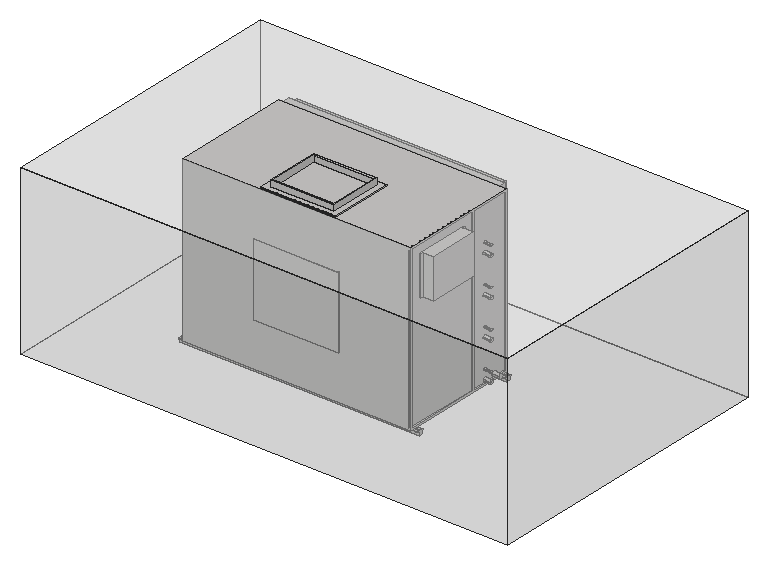
Revit family "outputfile", category 機械設備, Revit 2024
Family settings
  丸型コネクタ寸法 = 半径を使用
  パーツ タイプ = 標準
  OmniClass 番号 = 23.75.10.24.21.27.27
  OmniClass タイトル = Split System Air Conditioning Units
  作業面ベース = いいえ
  常に垂直 = はい
  ロード時にボイドで切り取り = いいえ
  注釈の向きを維持 = いいえ
  共有 = いいえ
  部屋計算ポイント = はい
Parameters (values of type "4FGN400HTL")
  Description = ""
  書き出し IFC クラス(タイプ) = "IfcUnitaryEquipmentType"
  定義済み IFC タイプ(タイプ) = "AIRCONDITIONINGUNIT"
  Cost = 0
  Type Comments = ""
  Keynote = ""
  Type Image = (empty or 0)
  Assembly Code = ""
  switch_frequency = yes
  lw_power = 1050.5 mm
  lw_frontpanel = 754 mm
  lw_box_front = 991 mm
  lw_box = 117 mm
  lw_SA = 0 mm
  lw_RA = 981 mm
  lw_Pipe = if([400-500], 20 mm, 0 mm)  # 20 mm
  lh_liquidpipe_4 = 152 mm
  lh_liquidpipe_3 = 488 mm
  lh_liquidpipe_2 = 824 mm
  lh_height_SA = 482 mm
  lh_ld_mountinghole_height = 35 mm
  lh_height_RA = 1326 mm
  lh_hangerfixture = 35 mm
  lh_gaspipe_4 = 72 mm
  lh_gaspipe_3 = 408 mm
  lh_gaspipe_2 = 744 mm
  lh_frontpanel_bottom = 429 mm
  lh_frontpanel = 642 mm
  lh_box_top = 95 mm
  lh_box = 351 mm
  lh_SA = 1546 mm
  lh_RA = 788 mm
  ld_void = 680 mm
  ld_frontpanel = 0 mm
  ld_depth_SA = 301 mm
  ld_depth_RA = 130 mm
  ld_box_left = 114 mm
  ld_box = 490 mm
  frontpanel_right = 377 mm
  connector_voltage = Voltage_60Hz  # 220 V
  connector_powerinput = [Power Input (Cooling)]  # 41.580 kW
  connector_phase = Phase_60Hz  # 3
  製造元 = "Daikin"
  モデル = "4FGN400HTL"
  w_pipe = 33 mm
  r_Liquid Pipe Size = Liquid Pipe Size / 2  # 6.35 mm
  r_Gas Pipe Size = Gas Pipe Size / 2  # 12.7 mm
  r_Drain Pipe Size = Drain Pipe Size / 2  # 17.0 mm
  lw_powersupply = lw_power  # 1050.5 mm
  lw_width_RA = 1852 mm
  lw_width_SA = 560 mm
  lh_suctionflange [instance] = 100 mm
  ld_suctionflange [instance] = 190 mm
  ld_powersupply = 359 mm
  Voltage_comment_60Hz = "220"
  Voltage_60Hz = 220 V
  URL = ""
  Sound Power Level_H speed (dB) = 0
  Phase_60Hz = 3
  Minimum External Static Pressure = 0.00 Pa
  Minimum Circuit Amps_60Hz = 0.0 A
  Maximum Fuse Amps_60Hz = 0.0 A
  Maximum External Static Pressure = 250.00 Pa
  Material_Casing = DAIKIN_GalvanizedSteel_Casing_indoorunit
  lw_liquidpipe = 1061 mm
  lw_gaspipe = 1061 mm
  lw_mountinghole_pitch = 2082 mm
  lw_mountinghole = 2122 mm
  lw_drainpipe = 1061 mm
  lh_powersupply = 1040 mm
  lh_liquidpipe = 1160 mm
  lh_gaspipe = 1080 mm
  lh_mountinghole = 5 mm
  lh_drainpipe = 73 mm
  lh_antena = Height - lh_mountinghole + 1 mm  # 1482 mm
  ld_liquidpipe = 302.5 mm
  ld_gaspipe = 302.5 mm
  ld_mountinghole_pitch = 973 mm
  ld_drainpipe = 405.5 mm
  ld_controlbox = 626 mm
  h*** = 0 mm  # constant formula
  d_dischargeflange = 60 mm
  Width = 2022 mm
  Version = "ver.1.0"
  Unit Type = "Duct"
  Unit Mass Weight = 488.00 kg
  Unit Designation [instance] = ""
  Uniclass2015Version = "Products v1.30"
  Uniclass2015Title = "Split coil room air conditioning units"
  Uniclass2015Code = "Pr_70_65_03_86"
  Total Cooling Capacity [instance] = 0.000 kW
  Sound Pressure Level_M speed (dBA) = 0
  Sound Pressure Level_L speed (dBA) = 0
  Sound Pressure Level_H speed (dBA) = 66
  Series = "Package Aircon_Fan Coil Unit"
  Sensible Cooling Capacity [instance] = 0.000 kW
  SA Duct Size Width = 560 mm
  SA Duct Size Height = 482 mm
  Refrigerant Type = "R410A"
  RA Duct Size Width = 1852 mm
  RA Duct Size Height = 1326 mm
  Power Input (Cooling) = 41.580 kW
  Option Accessory 3 [instance] = ""
  Option Accessory 2 [instance] = ""
  Option Accessory 1 [instance] = ""
  Nominal Cooling Capacity = 117.233 kW
  Minimum Airflow = 0.00 m³/h
  Median Airflow = 0.00 m³/h
  Maximum Airflow = 20388.00 m³/h
  Load Classification = HVAC
  Liquid Pipe Size = 12.7 mm
  Link_Nested Family [instance] = ""
  IfcVersion = ""
  IfcExportType = "AIRCONDITIONINGUNIT"
  IfcExportAs = "IfcUnitaryEquipmentType"
  Height = 1486 mm
  Heat Exchanger Type = "Cross Fin Coil"
  Gas Pipe Size = 25.4 mm
  Frequency_60Hz = 60 Hz
  Fan Type = "Sirocco Fan"
  Fan Drive = "-"
  FCU Tag No. [instance] = ""
  Drain Pipe Size = 34.0 mm
  Design Supply Airflow [instance] = 0.00 m³/h
  Design Return Airflow [instance] = 0.00 m³/h
  Design External Static Pressure [instance] = 0.00 Pa
  Depth = 1069 mm
  既定の高さ = 0 mm
  Cooling Entering Wet Bulb Temperature [instance] = 0.00 °C
  Cooling Entering Dry Bulb Temperature [instance] = 0.00 °C
  Cooling Ambient Wet Bulb Temperature [instance] = 0.00 °C
  Cooling Ambient Dry Bulb Temperature [instance] = 0.00 °C
  Clearance visibility [instance] = yes
  Clearance Top = 0 mm
  Clearance Right = 1500 mm
  Clearance Rear = 800 mm
  Clearance Left = 800 mm
  Clearance Front = 800 mm
  Clearance Bottom = 0 mm
  600 = no
  400-500 = yes
Reference planes
  plane 1 "Center (Front/Back)": y = 0
  plane 2: z = 0
  plane 3 "Center (Left/Right)": x = 0
  plane 4 "Back": y = 534.5
  plane 5 "Front": y = -534.5
  plane 6 "Left": x = -1011
  plane 7 "Right": x = 1011
  plane 8 "Top": z = 0
  plane 9 "Bottom": z = -1486
  plane 10: z = -326
  plane 11: z = -406
  plane 12: x = -1041
  plane 13: x = 1041
  plane 14: x = 1061
  plane 15: x = 1061
  plane 16: z = -1481
  plane 17 "Clearance Left": x = -1811
  plane 18 "Clearance Right": x = 2511
  plane 19 "Clearance Rear": y = 1334.5
  plane 20 "Clearance Front": y = -1334.5
  plane 21 "Clearance Bottom": z = -1486
  plane 22: z = -1413
  plane 23 "ld_gas": y = 302.5
  plane 24: y = 302.5
  plane 25: y = -30
  plane 26: y = 405.5
  plane 27: y = 344.5
  plane 28: x = 1061
  plane 29: y = 486.5
  plane 30: y = -486.5
  plane 31: y = -233.5
  plane 32: y = 664.5
  plane 33 "Clearance Top": z = 0
  plane 34: z = -446
  plane 35: y = -175.5
  plane 36 "hangerfixture": z = -1451
  plane 37 "lh_SA": z = 60
  plane 38 "lh_RA": z = -698
  plane 39 "RA_center": x = -30
  plane 40: y = -524.5
  plane 41: y = 155.5
  plane 42: y = 524.5
  plane 43: z = -10
  plane 44: z = -1441
  plane 45: y = 165.5
  plane 46: y = -524.5
  plane 47: y = 155.5
  plane 48: y = 524.5
  plane 49: z = -10
  plane 50: z = -1441
  plane 51: y = 165.5
  plane 52: x = 1011
  plane 53: x = 1108
  plane 54: y = -420.5
  plane 55: y = -400.5
  plane 56: y = 49.5
  plane 57: y = 69.5
  plane 58 "box_bottom": z = -446
  plane 59 "box_top": z = -95
  plane 60: x = -377
  plane 61: x = 377
  plane 62: y = -534.5
  plane 63: y = -535.5
  plane 64 "lw_power": x = 1050.5
  plane 65: z = -662
  plane 66: z = -742
  plane 67: z = -998
  plane 68: z = -1078
  plane 69: x = 991
  plane 70: x = -991
  plane 71: z = -1057
  plane 72: z = -415
  plane 73: z = -1334
  plane 74: z = -1414
  plane 75: x = 991
  plane 76 "v": x = 0
  plane 77: x = 991
  plane 78: x = 1012
Forms (mm)
  Extrusion 1, solid, material "DAIKIN_GalvanizedSteel_Casing_indoorunit" <- "Material_Casing"
    sketch origin (0, -0.8, 0) x (1, 0, 0) y (0, 1, 0)
      loop
        line (-1011, -533.7) -> (1011, -533.7) -> (1011, 535.3) -> (-1011, 535.3) -> (-1011, -533.7)
    from -1451 to 0
  Revolve 2, solid, material "DAIKIN_GalvanizedSteel_Casing_indoorunit" <- "Material_Casing"
    sketch origin (0, 0, -406) x (0, -1, 0) y (1, 0, 0)
      loop
        line (-289.8, 991) -> (-289.8, 1061) -> (-302.5, 1061) -> (-302.5, 991) -> (-289.8, 991)
      axis (-302.5, 991) -> (-302.5, 1061)
    angle from 0 to 360
  Revolve 3, solid, material "DAIKIN_GalvanizedSteel_Casing_indoorunit" <- "Material_Casing"
    sketch origin (0, 0, -326) x (0, -1, 0) y (1, 0, 0)
      loop
        line (-302.5, 991) -> (-302.5, 1061) -> (-308.85, 1061) -> (-308.85, 991) -> (-302.5, 991)
      axis (-302.5, 1061) -> (-302.5, 991)
    angle from 0 to 360
  Extrusion 4, solid, material "DAIKIN_GalvanizedSteel_Casing_indoorunit" <- "Material_Casing"
    sketch origin (0, 0, 0) x (0, 1, 0) y (0, 0, 1)
      loop
        circle (405.5, -1413) r 17
    from 1061 to 991
  Extrusion 5, void
    sketch origin (1011, 0, 0) x (0, 1, 0) y (0, 0, 1)
      loop
        line (-524.5, -10) -> (-524.5, -1441) -> (155.5, -1441) -> (155.5, -10) -> (-524.5, -10)
      loop
        line (524.5, -10) -> (165.5, -10) -> (165.5, -1441) -> (524.5, -1441) -> (524.5, -10)
    from 0 to -20
  Extrusion 6, void
    sketch origin (-1011, 0, 0) x (0, 1, 0) y (0, 0, 1)
      loop
        line (-524.5, -10) -> (-524.5, -1441) -> (155.5, -1441) -> (155.5, -10) -> (-524.5, -10)
      loop
        line (524.5, -10) -> (165.5, -10) -> (165.5, -1441) -> (524.5, -1441) -> (524.5, -10)
    from 0 to 20
  Extrusion 7, solid, material "DAIKIN_GalvanizedSteel_Casing_indoorunit" <- "Material_Casing"
    sketch origin (0, 0, 0) x (1, 0, 0) y (0, 1, 0)
      loop
        line (991, -420.5) -> (1011, -420.5) -> (1011, -400.5) -> (1108, -400.5) -> (1108, 49.5) -> (1011, 49.5) -> (1011, 69.5) -> (991, 69.5) -> (991, -420.5)
    from -446 to -95
  Extrusion 8, solid, material "DAIKIN_GalvanizedSteel_Casing_indoorunit" <- "Material_Casing"
    sketch origin (0, 0, -1486) x (-1, 0, 0) y (0, -1, 0)
      loop
        line (377, 535.5) -> (-377, 535.5) -> (-377, 534.5) -> (377, 534.5) -> (377, 535.5)
    from 429 to 1071
  Revolve 9, solid, material "DAIKIN_GalvanizedSteel_Casing_indoorunit" <- "Material_Casing"
    sketch origin (0, 0, -742) x (0, -1, 0) y (1, 0, 0)
      loop
        line (-289.8, 991) -> (-289.8, 1061) -> (-302.5, 1061) -> (-302.5, 991) -> (-289.8, 991)
      axis (-302.5, 991) -> (-302.5, 1061)
    angle from 0 to 360
  Revolve 10, solid, material "DAIKIN_GalvanizedSteel_Casing_indoorunit" <- "Material_Casing"
    sketch origin (0, 0, -662) x (0, -1, 0) y (1, 0, 0)
      loop
        line (-302.5, 991) -> (-302.5, 1061) -> (-308.85, 1061) -> (-308.85, 991) -> (-302.5, 991)
      axis (-302.5, 1061) -> (-302.5, 991)
    angle from 0 to 360
  Revolve 11, solid, material "DAIKIN_GalvanizedSteel_Casing_indoorunit" <- "Material_Casing"
    sketch origin (0, 0, -1078) x (0, -1, 0) y (1, 0, 0)
      loop
        line (-289.8, 991) -> (-289.8, 1061) -> (-302.5, 1061) -> (-302.5, 991) -> (-289.8, 991)
      axis (-302.5, 991) -> (-302.5, 1061)
    angle from 0 to 360
  Revolve 12, solid, material "DAIKIN_GalvanizedSteel_Casing_indoorunit" <- "Material_Casing"
    sketch origin (0, 0, -998) x (0, -1, 0) y (1, 0, 0)
      loop
        line (-302.5, 991) -> (-302.5, 1061) -> (-308.85, 1061) -> (-308.85, 991) -> (-302.5, 991)
      axis (-302.5, 1061) -> (-302.5, 991)
    angle from 0 to 360
  Revolve 13, solid, material "DAIKIN_GalvanizedSteel_Casing_indoorunit" <- "Material_Casing"
    sketch origin (0, 0, -1414) x (0, -1, 0) y (1, 0, 0)
      loop
        line (-289.8, 991) -> (-289.8, 1061) -> (-302.5, 1061) -> (-302.5, 991) -> (-289.8, 991)
      axis (-302.5, 991) -> (-302.5, 1061)
    angle from 0 to 360
  Revolve 14, solid, material "DAIKIN_GalvanizedSteel_Casing_indoorunit" <- "Material_Casing"
    sketch origin (0, 25, -1334) x (0, -1, 0) y (1, 0, 0)
      loop
        line (-277.5, 991) -> (-277.5, 1061) -> (-283.85, 1061) -> (-283.85, 991) -> (-277.5, 991)
      axis (-277.5, 1061) -> (-277.5, 991)
    angle from 0 to 360
  Extrusion 15, solid, material "DAIKIN_GalvanizedSteel_Casing_indoorunit" <- "Material_Casing", visible <- "600"
    sketch origin (0, 0, 0) x (0, 1, 0) y (0, 0, 1)
      loop
        line (18, -1431) -> (18, -20) -> (-2, -20) -> (-2, -1431) -> (18, -1431)
    from 1011 to 1012
  Extrusion 16, solid, material "DAIKIN_GalvanizedSteel_Casing_indoorunit" <- "Material_Casing", visible <- "600"
    sketch origin (0, 0, 0) x (0, 1, 0) y (0, 0, 1)
      loop
        line (-509.5, -600) -> (-25, -600) -> (-25, -577.7) -> (-509.5, -577.7) -> (-509.5, -600)
    from 1011 to 1012
Cuts and joins
  Extrusion 5, Extrusion 6 cuts Extrusion 1
  Extrusion 6 cuts Revolve 2
  Extrusion 6 cuts Revolve 3
  Extrusion 6 cuts Extrusion 4
Dimensions and locks
  equal spacing: plane 12, plane 3 "Center (Left/Right)", plane 13
  "lw_mountinghole_pitch": plane 12 to plane 13
  "lh_liquidpipe": plane 10 to plane 9 "Bottom"
  "lh_gaspipe": plane 11 to plane 9 "Bottom"
  equal spacing: plane 6 "Left", plane 3 "Center (Left/Right)", plane 7 "Right"
  "Width": plane 6 "Left" to plane 7 "Right"
  "Clearance Right": plane 7 "Right" to plane 18 "Clearance Right"
  "Clearance Left": plane 17 "Clearance Left" to plane 6 "Left"
  "Clearance Rear": plane 19 "Clearance Rear" to plane 4 "Back"
  "Clearance Front": plane 5 "Front" to plane 20 "Clearance Front"
  "Depth": plane 4 "Back" to plane 5 "Front"
  equal spacing: plane 4 "Back", plane 1 "Center (Front/Back)", plane 5 "Front"
  "ld_suctionflange": plane 4 "Back" to plane 27
  "r_Liquid Pipe Size": nested 5 to Revolve 3 sketch curve
  equal spacing: plane 29, plane 1 "Center (Front/Back)", plane 30
  "ld_mountinghole_pitch": plane 29 to plane 30
  "lw_liquidpipe": plane 3 "Center (Left/Right)" to plane 14
  "lw_gaspipe": plane 3 "Center (Left/Right)" to plane 15
  "lw_drainpipe": plane 3 "Center (Left/Right)" to plane 28
  "lh_drainpipe": plane 22 to plane 9 "Bottom"
  "Clearance Top": plane 33 "Clearance Top" to plane 8 "Top"
  "Clearance Bottom": plane 9 "Bottom" to plane 21 "Clearance Bottom"
  "lh_powersupply": plane 34 to plane 9 "Bottom"
  plane 8 "Top" to level = 0 mm
  "lh_hangerfixture": plane 36 "hangerfixture" to plane 9 "Bottom"
  "lh_SA": plane 37 "lh_SA" to plane 9 "Bottom"
  "ld_depth_RA": plane 32 to plane 4 "Back"
  "lh_RA": plane 38 "lh_RA" to plane 9 "Bottom"
  "lw_RA": plane 6 "Left" to plane 39 "RA_center"
  locked: plane 36 "hangerfixture" to plane 44 at 10
  plane 5 "Front" to plane 40 = 10 mm
  locked: plane 8 "Top" to plane 43 at 10
  plane 42 to plane 4 "Back" = 10 mm
  "ld_void": plane 40 to plane 41
  "ld_void": plane 46 to plane 47
  plane 5 "Front" to plane 46 = 10 mm
  plane 48 to plane 4 "Back" = 10 mm
  locked: plane 8 "Top" to plane 49 at 10
  locked: plane 50 to plane 36 "hangerfixture" at 10
  "ld_box_left": plane 54 to plane 5 "Front"
  "ld_box": plane 57 to plane 54
  locked: plane 55 to plane 54 at 20
  locked: plane 57 to plane 56 at 20
  locked: plane 75 to plane 52 at 20
  "lh_box_top": plane 8 "Top" to plane 59 "box_top"
  "lh_box": plane 59 "box_top" to plane 58 "box_bottom"
  "lw_power": plane 3 "Center (Left/Right)" to plane 64 "lw_power"
  "lh_gaspipe_2": plane 66 to plane 9 "Bottom"
  "lh_liquidpipe_2": plane 65 to plane 9 "Bottom"
  "ld_drainpipe": plane 26 to plane 1 "Center (Front/Back)"
  "ld_gaspipe": plane 23 "ld_gas" to plane 1 "Center (Front/Back)"
  "r_Gas Pipe Size": plane 23 "ld_gas" to Revolve 9 sketch curve
  "r_Gas Pipe Size": plane 23 "ld_gas" to Revolve 2 sketch curve
  "r_Liquid Pipe Size": Revolve 10 sketch curve to plane 24
  "ld_liquidpipe": plane 24 to plane 1 "Center (Front/Back)"
  "ld_depth_SA": plane 31 to plane 5 "Front"
  "Height": plane 8 "Top" to plane 9 "Bottom"
  "lh_mountinghole": plane 16 to plane 9 "Bottom"
  "lh_gaspipe_3": plane 68 to plane 9 "Bottom"
  "lh_liquidpipe_3": plane 67 to plane 9 "Bottom"
  "lw_box": plane 75 to plane 53
  "lw_Pipe": plane 69 to plane 7 "Right"
  locked: plane 6 "Left" to plane 70 at 20
  "lh_frontpanel_bottom": plane 71 to plane 9 "Bottom"
  "lh_frontpanel": plane 72 to plane 71
  "r_Gas Pipe Size": plane 24 to Revolve 11 sketch curve
  "r_Liquid Pipe Size": Revolve 12 sketch curve to plane 24
  "lw_frontpanel": plane 60 to plane 61
  plane 5 "Front" to plane 63 = 1 mm
  "ld_frontpanel": plane 5 "Front" to plane 62
  locked: plane 41 to plane 45 at 10
  locked: plane 47 to plane 51 at 10
  "lh_gaspipe_4": plane 74 to plane 9 "Bottom"
  "lh_liquidpipe_4": plane 73 to plane 9 "Bottom"
  "r_Gas Pipe Size": Revolve 13 sketch curve to nested 15
  "r_Liquid Pipe Size": nested 5 to Revolve 14 sketch curve
  "lw_box_front": plane 3 "Center (Left/Right)" to plane 75
  "lw_SA": plane 76 "v" to plane 3 "Center (Left/Right)"
  locked: plane 77 to plane 7 "Right" at 20
  "ld_powersupply": plane 35 to plane 5 "Front"
  plane 60 to plane 3 "Center (Left/Right)" = 377 mm
  "frontpanel_right": plane 3 "Center (Left/Right)" to plane 61
  locked: plane 8 "Top" to Extrusion 15 sketch curve at 20
  locked: Extrusion 15 sketch curve to plane 9 "Bottom" at 55
  Extrusion 15 sketch curve to plane 1 "Center (Front/Back)" to Extrusion 15 sketch curve = 2 mm locked, 18 mm locked
  locked: plane 7 "Right" to plane 78 at 1
  locked: Extrusion 16 sketch curve to plane 1 "Center (Front/Back)" at 25
  locked: plane 5 "Front" to Extrusion 16 sketch curve at 25
  locked: Extrusion 16 sketch curve to Extrusion 16 sketch curve at 22.3
  locked: plane 9 "Bottom" to Extrusion 16 sketch curve at 886
  "r_Drain Pipe Size": radius of Extrusion 4 sketch curve
  aligned and locked: level to plane 2
  aligned and locked: plane 8 "Top" to Extrusion 1
  aligned and locked: Revolve 2 sketch curve to Revolve 2 sketch curve
  aligned and locked: plane 14 to nested 5
  aligned and locked: nested 5 to plane 10
  aligned and locked: plane 13 to nested 2
  aligned and locked: plane 12 to nested 3
  aligned and locked: plane 12 to nested 4
  aligned and locked: nested 6 to plane 11
  aligned and locked: plane 23 "ld_gas" to nested 6
  aligned and locked: plane 24 to nested 5
  aligned and locked: Extrusion 4 sketch curve to plane 26
  aligned and locked: nested 10 to plane 19 "Clearance Rear"
  aligned and locked: nested 10 to plane 18 "Clearance Right"
  aligned and locked: nested 10 to plane 17 "Clearance Left"
  aligned and locked: nested 10 to plane 20 "Clearance Front"
  aligned and locked: plane 28 to Extrusion 4
  aligned and locked: plane 15 to nested 6  (x2)
  aligned and locked: plane 13 to nested 1
  aligned and locked: plane 26 to nested 7
  aligned and locked: nested 7 to plane 22
  aligned and locked: nested 7 to plane 28
  aligned and locked: plane 29 to nested 1
  aligned and locked: plane 30 to nested 2
  aligned and locked: nested 4 to plane 29
  aligned and locked: nested 3 to plane 30
  aligned and locked: nested 9 to plane 4 "Back"
  aligned and locked: plane 32 to nested 13
  aligned and locked: nested 10 to plane 33 "Clearance Top"
  aligned and locked: nested 10 to plane 21 "Clearance Bottom"
  aligned and locked: nested 11 to plane 9 "Bottom"
  aligned and locked: plane 36 "hangerfixture" to Extrusion 1
  aligned and locked: Extrusion 1 to plane 5 "Front"
  aligned and locked: Extrusion 1 to plane 4 "Back"
  aligned and locked: plane 38 "lh_RA" to nested 9
  aligned and locked: nested 13 to plane 38 "lh_RA"
  aligned and locked: plane 39 "RA_center" to nested 9
  aligned and locked: nested 13 to plane 39 "RA_center"
  aligned and locked: Extrusion 5 sketch curve to plane 43
  aligned and locked: Extrusion 5 sketch curve to plane 40
  aligned and locked: plane 44 to Extrusion 5 sketch curve
  aligned and locked: Extrusion 5 sketch curve to plane 41
  aligned and locked: plane 43 to Extrusion 5 sketch curve
  aligned and locked: Extrusion 5 sketch curve to plane 42
  aligned and locked: Extrusion 5 sketch curve to plane 44
  aligned and locked: Extrusion 5 sketch curve to plane 45
  aligned and locked: Extrusion 6 sketch curve to plane 49
  aligned and locked: Extrusion 6 sketch curve to plane 46
  aligned and locked: plane 50 to Extrusion 6 sketch curve
  aligned and locked: Extrusion 6 sketch curve to plane 47
  aligned and locked: plane 49 to Extrusion 6 sketch curve
  aligned and locked: Extrusion 6 sketch curve to plane 48
  aligned and locked: Extrusion 6 sketch curve to plane 50
  aligned and locked: Extrusion 6 sketch curve to plane 51
  aligned and locked: plane 57 to Extrusion 7 sketch curve
  aligned and locked: plane 53 to Extrusion 7 sketch curve
  aligned and locked: Extrusion 7 sketch curve to plane 54
  aligned and locked: plane 59 "box_top" to Extrusion 7
  aligned and locked: Extrusion 7 to plane 58 "box_bottom"
  aligned and locked: Extrusion 8 sketch curve to plane 63
  aligned and locked: Extrusion 8 sketch curve to plane 60
  aligned and locked: plane 62 to Extrusion 8 sketch curve
  aligned and locked: plane 61 to Extrusion 8 sketch curve
  aligned and locked: Revolve 9 sketch curve to Revolve 9 sketch curve
  aligned and locked: nested 15 to plane 65
  aligned and locked: nested 16 to plane 66
  aligned and locked: plane 14 to Revolve 10
  aligned and locked: nested 15 to plane 14
  aligned and locked: plane 15 to cut or joined group of Revolve 2, Extrusion 6  (x3)
  aligned and locked: cut or joined group of Revolve 2, Extrusion 6 to plane 15
  aligned and locked: nested 14 to plane 35
  aligned and locked: Revolve 2 sketch curve to plane 23 "ld_gas"
  aligned and locked: plane 23 "ld_gas" to nested 16
  aligned and locked: plane 24 to nested 15
  aligned and locked: plane 37 "lh_SA" to nested 12
  aligned and locked: plane 37 "lh_SA" to nested 8
  aligned and locked: plane 31 to nested 12
  aligned and locked: plane 31 to nested 8
  aligned and locked: plane 52 to Extrusion 7 sketch curve
  aligned and locked: Extrusion 7 sketch curve to plane 55
  aligned and locked: Extrusion 7 sketch curve to plane 56
  aligned and locked: Extrusion 7 sketch curve to plane 52
  aligned and locked: nested 14 to plane 64 "lw_power"
  aligned and locked: nested 14 to plane 34
  aligned and locked: Revolve 11 sketch curve to Revolve 11 sketch curve
  aligned and locked: nested 17 to plane 67
  aligned and locked: nested 18 to plane 68
  aligned and locked: plane 24 to nested 17
  aligned and locked: plane 23 "ld_gas" to nested 18
  aligned and locked: Extrusion 8 to plane 71
  aligned and locked: plane 72 to Extrusion 8
  aligned and locked: Revolve 13 sketch curve to Revolve 13 sketch curve
  aligned and locked: nested 19 to plane 73
  aligned and locked: nested 20 to plane 74
  aligned and locked: plane 69 to Revolve 14
  aligned and locked: Revolve 13 to plane 69
  aligned and locked: Revolve 14 sketch curve to nested 18
  aligned and locked: Revolve 14 sketch curve to nested 5
  aligned and locked: plane 24 to nested 19
  aligned and locked: plane 24 to nested 20
  aligned and locked: Extrusion 7 sketch curve to plane 75
  aligned and locked: plane 1 "Center (Front/Back)" to nested 21
  aligned and locked: plane 3 "Center (Left/Right)" to nested 21
  aligned and locked: nested 21 to plane 9 "Bottom"
  aligned and locked: plane 76 "v" to nested 12
  aligned and locked: nested 12 to nested 8
  aligned and locked: Extrusion 5 to plane 77
  aligned and locked: plane 69 to Revolve 11
  aligned and locked: cut or joined group of Revolve 3, Extrusion 6 to plane 69
  aligned and locked: plane 69 to cut or joined group of Revolve 2, Extrusion 6
  aligned and locked: plane 69 to Revolve 9
  aligned and locked: Revolve 12 to plane 69
  aligned and locked: Revolve 10 to plane 69
  aligned and locked: cut or joined group of Extrusion 4, Extrusion 6 to plane 69
  aligned and locked: Extrusion 15 to plane 7 "Right"
  aligned and locked: plane 78 to Extrusion 15
  aligned and locked: Extrusion 16 to plane 7 "Right"
  aligned and locked: Extrusion 16 to plane 78
Automatic sketch dimensions
  Extrusion 1 sketch curve to plane 4 "Back" = 0 mm
  Extrusion 1 sketch curve to plane 6 "Left" = 0 mm
  Extrusion 1 sketch curve to plane 5 "Front" = 0 mm
  Extrusion 1 sketch curve to plane 7 "Right" = 0 mm
  Revolve 3 sketch curve to plane 23 "ld_gas" = 0 mm  (x2)
  Revolve 3 sketch curve to plane 14 = 0 mm  (x2)
  plane 69 to Revolve 3 sketch curve = 0 mm
  plane 7 "Right" to Revolve 3 sketch curve = 15 mm
  Extrusion 4 sketch curve to plane 22 = 0 mm
  Revolve 10 sketch curve to plane 23 "ld_gas" = 0 mm  (x2)
  Revolve 10 sketch curve to plane 14 = 0 mm  (x2)
  plane 69 to Revolve 10 sketch curve = 0 mm
  plane 7 "Right" to Revolve 10 sketch curve = 15 mm
  Revolve 12 sketch curve to plane 23 "ld_gas" = 0 mm  (x2)
  Revolve 12 sketch curve to plane 14 = 0 mm  (x2)
  plane 69 to Revolve 12 sketch curve = 0 mm
  plane 7 "Right" to Revolve 12 sketch curve = 15 mm
  plane 69 to Revolve 14 sketch curve = 0 mm
  Revolve 14 sketch curve to plane 14 = 0 mm  (x2)
  plane 7 "Right" to Revolve 14 sketch curve = 15 mm
  Revolve 2 sketch curve to plane 7 "Right" = 20 mm
  Revolve 2 sketch curve to plane 14 = 0 mm
  plane 78 to Revolve 2 sketch curve = 1.003 mm
  plane 14 to Revolve 2 sketch curve = 1.003 mm
  Revolve 9 sketch curve to plane 7 "Right" = 20 mm
  Revolve 9 sketch curve to plane 23 "ld_gas" = 0 mm
  Revolve 9 sketch curve to plane 14 = 0 mm
  plane 78 to Revolve 9 sketch curve = 1.003 mm
  plane 14 to Revolve 9 sketch curve = 1.003 mm
  Revolve 11 sketch curve to plane 7 "Right" = 20 mm
  Revolve 11 sketch curve to plane 23 "ld_gas" = 0 mm
  Revolve 11 sketch curve to plane 14 = 0 mm
  plane 78 to Revolve 11 sketch curve = 1.003 mm
  plane 14 to Revolve 11 sketch curve = 1.003 mm
  Revolve 13 sketch curve to plane 7 "Right" = 20 mm
  Revolve 13 sketch curve to plane 23 "ld_gas" = 0 mm
  Revolve 13 sketch curve to plane 14 = 0 mm
  plane 78 to Revolve 13 sketch curve = 1.003 mm
  plane 14 to Revolve 13 sketch curve = 1.003 mm
Nested families
  nested 1: "daikin_mountinghole" at (1041, 486.5, -1486), Link_Nested Family <- "Link_Nested Family", h_mountinghole <- "lh_mountinghole", l_antenna <- "lh_antena", type "daikin_mountinghole"
    with show yes, l_antenna 1482 mm, h_mountinghole 5 mm, Link_Nested Family "", d_circle 23 mm
  nested 2: "daikin_mountinghole" at (1041, -486.5, -1486), Link_Nested Family <- "Link_Nested Family", h_mountinghole <- "lh_mountinghole", l_antenna <- "lh_antena", type "daikin_mountinghole"
    with show yes, l_antenna 1482 mm, h_mountinghole 5 mm, Link_Nested Family "", d_circle 23 mm
  nested 3: "daikin_mountinghole" at (-1041, -486.5, -1486), Link_Nested Family <- "Link_Nested Family", h_mountinghole <- "lh_mountinghole", l_antenna <- "lh_antena", type "daikin_mountinghole"
    with show yes, l_antenna 1482 mm, h_mountinghole 5 mm, Link_Nested Family "", d_circle 23 mm
  nested 4: "daikin_mountinghole" at (-1041, 486.5, -1486), Link_Nested Family <- "Link_Nested Family", h_mountinghole <- "lh_mountinghole", l_antenna <- "lh_antena", type "daikin_mountinghole"
    with show yes, l_antenna 1482 mm, h_mountinghole 5 mm, Link_Nested Family "", d_circle 23 mm
  nested 5: "daikin_connector_rotate2" at (0, 302.5, -326) x (0, 1, 0) z (0, 0, 1), length <- "lw_liquidpipe", built-in parameter 1001364 <- "lh_liquidpipe", radius <- "r_Liquid Pipe Size", type "daikin_connector_rotate2"
    with radius 6.35 mm, length 1061 mm, angle_vertical 90.00°
  nested 6: "daikin_connector_rotate2" at (0, 302.5, -406) x (0, 1, 0) z (0, 0, 1), length <- "lw_gaspipe", built-in parameter 1001364 <- "lh_gaspipe", radius <- "r_Gas Pipe Size", type "daikin_connector_rotate2"
    with radius 12.7 mm, length 1061 mm, angle_vertical 90.00°
  nested 7: "daikin_connector_rotate2" at (0, 405.5, -1413) x (0, 1, 0) z (0, 0, 1), built-in parameter 1001364 <- "lh_drainpipe", length <- "lw_drainpipe", radius <- "r_Drain Pipe Size", type "daikin_connector_rotate2"
    with radius 17 mm, length 1061 mm, angle_vertical 90.00°
  nested 8: "daikin_connector_rotate2" at (0, -233.5, 0) x (1, 0, 0) z (0, 1, 0), length <- "d_dischargeflange", type "daikin_connector_rotate2"
    with radius 10 mm, length 60 mm, angle_vertical 90.00°
  nested 9: "daikin_ductflange_4FGN-HTL" at (-30, 534.5, -698), material <- "Material_Casing", width <- "lw_width_RA", height <- "lh_height_RA", depth <- "ld_depth_RA", type "daikin_ductflange_4FGN-HTL"
    with x 35 mm, width 1852 mm, material DAIKIN_GalvanizedSteel_Casing_indoorunit, height 1326 mm, depth 130 mm
  nested 10: "daikin_clearancespace" at (350, 0, -742.881), visible <- "Clearance visibility", show <- "Clearance visibility", Link_Nested Family <- "Link_Nested Family", type "daikin_clearancespace"
    with width 4322 mm, show yes, height 1486 mm, depth 2669 mm, Link_Nested Family ""
  nested 11: "daikin_hangerfixture_4FGN-HTL" at (0, 0, -1486), visible <- "400-500", type "daikin_hangerfixture_4FGN-HTL"
    with width 2082 mm, depth 973 mm, G 2122 mm
  nested 12: "daikin_ductflange_4FGN-HTL_1" at (0, -422.901, 0) x (1, 0, 0) z (0, 1, 0), width <- "lw_width_SA", material <- "Material_Casing", height <- "lh_height_SA", depth <- "d_dischargeflange", type "daikin_ductflange_4FGN-HTL_1"
    with width 560 mm, t 10 mm, material DAIKIN_GalvanizedSteel_Casing_indoorunit, height 482 mm, depth 60 mm
  nested 13: "daikin_connector_rotate2" at (-30, 534.5, -698) x (-1, 0, 0) z (0, 0, 1), length <- "ld_depth_RA", type "daikin_connector_rotate2"
    with radius 10 mm, length 130 mm, angle_vertical 90.00°
  nested 14: "daikin_connector_rotate2" at (1050.5, -175.5, -95) x (0, 1, 0) z (1, 0, 0), length <- "lh_box", type "daikin_connector_rotate2"
    with radius 10 mm, length 351 mm, angle_vertical 90.00°
  nested 15: "daikin_connector_rotate2" at (0, 302.5, -662) x (0, 1, 0) z (0, 0, 1), length <- "lw_liquidpipe", built-in parameter 1001364 <- "lh_liquidpipe", radius <- "r_Liquid Pipe Size", type "daikin_connector_rotate2"
    with radius 6.35 mm, length 1061 mm, angle_vertical 90.00°
  nested 16: "daikin_connector_rotate2" at (0, 302.5, -742) x (0, 1, 0) z (0, 0, 1), length <- "lw_gaspipe", built-in parameter 1001364 <- "lh_gaspipe", radius <- "r_Gas Pipe Size", type "daikin_connector_rotate2"
    with radius 12.7 mm, length 1061 mm, angle_vertical 90.00°
  nested 17: "daikin_connector_rotate2" at (0, 302.5, -998) x (0, 1, 0) z (0, 0, 1), length <- "lw_liquidpipe", built-in parameter 1001364 <- "lh_liquidpipe", radius <- "r_Liquid Pipe Size", type "daikin_connector_rotate2"
    with radius 6.35 mm, length 1061 mm, angle_vertical 90.00°
  nested 18: "daikin_connector_rotate2" at (0, 302.5, -1078) x (0, 1, 0) z (0, 0, 1), length <- "lw_gaspipe", built-in parameter 1001364 <- "lh_gaspipe", radius <- "r_Gas Pipe Size", type "daikin_connector_rotate2"
    with radius 12.7 mm, length 1061 mm, angle_vertical 90.00°
  nested 19: "daikin_connector_rotate2" at (0, 302.5, -1334) x (0, 1, 0) z (0, 0, 1), length <- "lw_liquidpipe", built-in parameter 1001364 <- "lh_liquidpipe", radius <- "r_Liquid Pipe Size", type "daikin_connector_rotate2"
    with radius 6.35 mm, length 1061 mm, angle_vertical 90.00°
  nested 20: "daikin_connector_rotate2" at (0, 302.5, -1414) x (0, 1, 0) z (0, 0, 1), length <- "lw_gaspipe", built-in parameter 1001364 <- "lh_gaspipe", radius <- "r_Gas Pipe Size", type "daikin_connector_rotate2"
    with radius 12.7 mm, length 1061 mm, angle_vertical 90.00°
  nested 21: "daikin_hangerfixture_4FGN-HTL_2" at (0, 0, -1486), visible <- "600", type "daikin_hangerfixture_4FGN-HTL"
    with width 2082 mm, depth 973 mm, G 2122 mm
Connectors
  piping at (1061, 302.5, -406), diameter 25.4, driven by "r_Gas Pipe Size"
    settings: on nested 6, index 1, connector inside diameter 609.6 mm, connector length 0 mm, flow factor 0, pipe flow 0.00 m³/h, pressure drop 0.0 Pa, fitting loss kfactor 0, connector angle 0.00°, fixture units 0, engagement length 0 mm, angle of deflection 0.00°, flow configuration 1, flow direction 2, fitting loss method 0, system type 29, joint type 0, gender type 0, connector reference index -1, connector utility 0, adjustable connector no, is connector primary yes, connector description "Refrigerant Gas Piping"
  piping at (1061, 302.5, -326), diameter 12.7, driven by "r_Liquid Pipe Size"
    settings: on nested 5, index 2, connector inside diameter 609.6 mm, connector length 0 mm, flow factor 0, pipe flow 0.00 m³/h, pressure drop 0.0 Pa, fitting loss kfactor 0, connector angle 0.00°, fixture units 0, engagement length 0 mm, angle of deflection 0.00°, flow configuration 1, flow direction 1, fitting loss method 0, system type 29, joint type 0, gender type 0, connector reference index -1, connector utility 0, adjustable connector no, is connector primary no, connector description "Refrigerant Liquid Piping"
  piping at (1061, 405.5, -1413), diameter 34, driven by "r_Drain Pipe Size"
    settings: on nested 7, index 3, connector inside diameter 609.6 mm, connector length 0 mm, flow factor 0, pipe flow 0.00 m³/h, pressure drop 0.0 Pa, fitting loss kfactor 0, connector angle 0.00°, fixture units 0, engagement length 0 mm, angle of deflection 0.00°, flow configuration 1, flow direction 2, fitting loss method 4, system type 16, joint type 0, gender type 0, connector reference index -1, connector utility 0, adjustable connector no, is connector primary no, connector description "Condensate Drain Piping"
  hvac at (0, -233.5, 60), driven by "SA Duct Size Height", driven by "SA Duct Size Width"
    settings: on nested 8, index 7, duct flow 0.00 m³/h, flow factor 0, pres drop 0.00 Pa, loss coef 0, conn angle 0.00°, conn width 560.0 mm, conn height 482.0 mm, conn diameter 609.6 mm, duct sys type 1, conn prof type 1, flow config 0, flow direction 2, loss method 4, conn ref index -1, conn util no, is conn primary yes, conn desc "SA Duct"
  hvac at (-30, 664.5, -698), driven by "RA Duct Size Width", driven by "RA Duct Size Height"
    settings: on nested 13, index 8, duct flow 0.00 m³/h, flow factor 0, pres drop 0.00 Pa, loss coef 0, conn angle 0.00°, conn width 1852.0 mm, conn height 1326.0 mm, conn diameter 609.6 mm, duct sys type 2, conn prof type 1, flow config 0, flow direction 1, loss method 4, conn ref index -1, conn util no, is conn primary no, conn desc "RA Duct"
  electrical at (1050.5, -175.5, -446), driven by "Load Classification", driven by "connector_phase", driven by "connector_powerinput", driven by "connector_voltage"
    settings: on nested 14, index 9, voltage 220 V, apparent load 41580 VA, apparent load phase1 0 VA, apparent load phase2 0 VA, apparent load phase3 0 VA, power factor 1, load classification "HVAC", number of poles 3, system type 30, power factor state 1, is connector primary yes, connector utility no, sub classification motor no, connector description "Power Supply"
  piping at (1061, 302.5, -742), diameter 25.4, driven by "r_Gas Pipe Size"
    settings: on nested 16, index 10, connector inside diameter 609.6 mm, connector length 0 mm, flow factor 0, pipe flow 0.00 m³/h, pressure drop 0.0 Pa, fitting loss kfactor 0, connector angle 0.00°, fixture units 0, engagement length 0 mm, angle of deflection 0.00°, flow configuration 1, flow direction 2, fitting loss method 0, system type 29, joint type 0, gender type 0, connector reference index -1, connector utility 0, adjustable connector no, is connector primary no, connector description "Refrigerant Gas Piping"
  piping at (1061, 302.5, -662), diameter 12.7, driven by "r_Liquid Pipe Size"
    settings: on nested 15, index 11, connector inside diameter 609.6 mm, connector length 0 mm, flow factor 0, pipe flow 0.00 m³/h, pressure drop 0.0 Pa, fitting loss kfactor 0, connector angle 0.00°, fixture units 0, engagement length 0 mm, angle of deflection 0.00°, flow configuration 1, flow direction 1, fitting loss method 0, system type 29, joint type 0, gender type 0, connector reference index -1, connector utility 0, adjustable connector no, is connector primary no, connector description "Refrigerant Liquid Piping"
  piping at (1061, 302.5, -1078), diameter 25.4, driven by "r_Gas Pipe Size"
    settings: on nested 18, index 12, connector inside diameter 609.6 mm, connector length 0 mm, flow factor 0, pipe flow 0.00 m³/h, pressure drop 0.0 Pa, fitting loss kfactor 0, connector angle 0.00°, fixture units 0, engagement length 0 mm, angle of deflection 0.00°, flow configuration 1, flow direction 2, fitting loss method 0, system type 29, joint type 0, gender type 0, connector reference index -1, connector utility 0, adjustable connector no, is connector primary no, connector description "Refrigerant Gas Piping"
  piping at (1061, 302.5, -998), diameter 12.7, driven by "r_Liquid Pipe Size"
    settings: on nested 17, index 13, connector inside diameter 609.6 mm, connector length 0 mm, flow factor 0, pipe flow 0.00 m³/h, pressure drop 0.0 Pa, fitting loss kfactor 0, connector angle 0.00°, fixture units 0, engagement length 0 mm, angle of deflection 0.00°, flow configuration 1, flow direction 1, fitting loss method 0, system type 29, joint type 0, gender type 0, connector reference index -1, connector utility 0, adjustable connector no, is connector primary no, connector description "Refrigerant Liquid Piping"
  piping at (1061, 302.5, -1414), diameter 25.4, driven by "r_Gas Pipe Size"
    settings: on nested 20, index 14, connector inside diameter 609.6 mm, connector length 0 mm, flow factor 0, pipe flow 0.00 m³/h, pressure drop 0.0 Pa, fitting loss kfactor 0, connector angle 0.00°, fixture units 0, engagement length 0 mm, angle of deflection 0.00°, flow configuration 1, flow direction 2, fitting loss method 0, system type 29, joint type 0, gender type 0, connector reference index -1, connector utility 0, adjustable connector no, is connector primary no, connector description "Refrigerant Gas Piping"
  piping at (1061, 302.5, -1334), diameter 12.7, driven by "r_Liquid Pipe Size"
    settings: on nested 19, index 15, connector inside diameter 609.6 mm, connector length 0 mm, flow factor 0, pipe flow 0.00 m³/h, pressure drop 0.0 Pa, fitting loss kfactor 0, connector angle 0.00°, fixture units 0, engagement length 0 mm, angle of deflection 0.00°, flow configuration 1, flow direction 1, fitting loss method 0, system type 29, joint type 0, gender type 0, connector reference index -1, connector utility 0, adjustable connector no, is connector primary no, connector description "Refrigerant Liquid Piping"
Definition of nested family "daikin_ductflange_4FGN-HTL"
  Parameters (values of type "daikin_ductflange_4FGN-HTL")
    x [instance] = if([400-500], 35 mm, 18.5 mm)  # 35 mm
    width [instance] = 1636 mm
    t1 = if([400-500], 80 mm, 90 mm)  # 80 mm
    material [instance] = none
    height [instance] = 747 mm
    depth [instance] = 130 mm
    b = if([400-500], 6.5 mm, 20 mm)  # 6.5 mm
    a = if([400-500], 20 mm, 18.5 mm)  # 20 mm
    Default Elevation = 0 mm
    600 = no
    400-500 = yes
  Reference planes
    plane 1 "Center (Front/Back)": y = 0
    plane 2: z = 0
    plane 3 "Center (Left/Right)": x = 0
    plane 4: x = -818
    plane 5: x = 818
    plane 6: z = 373.5
    plane 7: z = -373.5
    plane 8: y = 80
    plane 9: y = 130
    plane 10: x = -813
    plane 11: x = 813
    plane 12: z = -368.5
    plane 13: z = 368.5
    plane 14: x = -853
    plane 15: x = 853
    plane 16: z = 393.5
    plane 17: z = -380
  Forms (mm)
    Extrusion 1, solid, material <- "material"
      sketch origin (0, 0, 0) x (1, 0, 0) y (0, 0, 1)
        loop
          line (-853, 393.5) -> (-853, -380) -> (853, -380) -> (853, 393.5) -> (-853, 393.5)
        loop
          line (-813, 368.5) -> (-813, -368.5) -> (813, -368.5) -> (813, 368.5) -> (-813, 368.5)
      from 0 to -80
    Extrusion 2, solid, material <- "material"
      sketch origin (0, 0, 0) x (1, 0, 0) y (0, 0, 1)
        loop
          line (-818, 373.5) -> (-818, -373.5) -> (818, -373.5) -> (818, 373.5) -> (-818, 373.5)
        loop
          line (813, 368.5) -> (-813, 368.5) -> (-813, -368.5) -> (813, -368.5) -> (813, 368.5)
      from -130 to -80
  Cuts and joins
    joined: Extrusion 1, Extrusion 2
  Dimensions and locks
    equal spacing: plane 5, plane 3 "Center (Left/Right)", plane 4
    "width": plane 5 to plane 4
    equal spacing: plane 6, level, plane 7
    "height": plane 6 to plane 7
    "t1": plane 1 "Center (Front/Back)" to plane 8
    "depth": plane 1 "Center (Front/Back)" to plane 9
    plane 6 to plane 13 = 5 mm
    plane 12 to plane 7 = 5 mm
    plane 5 to plane 11 = 5 mm
    plane 10 to plane 4 = 5 mm
    "x": plane 4 to plane 14
    "x": plane 15 to plane 5
    "a": plane 16 to plane 6
    "b": plane 7 to plane 17
    aligned and locked: level to plane 2
    aligned and locked: Extrusion 1 to plane 8
    aligned and locked: plane 1 "Center (Front/Back)" to Extrusion 1
    aligned and locked: Extrusion 2 to plane 9
    aligned and locked: Extrusion 2 to Extrusion 1
    aligned and locked: plane 13 to Extrusion 2 sketch curve
    aligned and locked: plane 11 to Extrusion 2 sketch curve
    aligned and locked: Extrusion 2 sketch curve to plane 12
    aligned and locked: Extrusion 2 sketch curve to plane 10
    aligned and locked: Extrusion 1 sketch curve to plane 16
    aligned and locked: plane 14 to Extrusion 1 sketch curve
    aligned and locked: plane 17 to Extrusion 1 sketch curve
    aligned and locked: Extrusion 1 sketch curve to plane 15
  Automatic sketch dimensions
    Extrusion 2 sketch curve to plane 4 = 0 mm
    Extrusion 2 sketch curve to plane 5 = 0 mm
    Extrusion 2 sketch curve to plane 7 = 0 mm
    Extrusion 2 sketch curve to plane 6 = 0 mm
    plane 4 to Extrusion 1 sketch curve = 5 mm
    Extrusion 1 sketch curve to plane 5 = 5 mm
    plane 7 to Extrusion 1 sketch curve = 5 mm
    Extrusion 1 sketch curve to plane 6 = 5 mm
Definition of nested family "daikin_clearancespace"
  Parameters (values of type "daikin_clearancespace")
    Description = "daikin_clearancespace"
    width [instance] = 1823.963 mm
    show [instance] = yes
    material = none
    height [instance] = 1359.762 mm
    depth [instance] = 880 mm
    Default Elevation = 0 mm
    Link_Nested Family [instance] = ""
  Reference planes
    plane 1 "Center (Front/Back)": y = 0
    plane 2 "Center (Elevation)": z = -0.119
    plane 3 "Center (Left/Right)": x = 0
    plane 4: y = 440
    plane 5: y = -440
    plane 6 "Right": x = 911.982
    plane 7 "Left": x = -911.982
    plane 8 "Top": z = 679.762
    plane 9 "Bottom": z = -680
  Forms (mm)
    Extrusion 1, solid, material <- "material", visible <- "show"
      sketch origin (0, 0, 0) x (1, 0, 0) y (0, 1, 0)
        loop
          line (-911.982, 440) -> (-911.982, -440) -> (911.982, -440) -> (911.982, 440) -> (-911.982, 440)
      from -680 to 679.762
  Lines and regions (mm)
    symbolic lines, visible <- "show"
      curve 1: line (911.982, 440, 0) -> (-911.982, 440, 0)
      curve 2: line (-911.982, 440, 0) -> (-911.982, -440, 0)
      curve 3: line (-911.982, -440, 0) -> (911.982, -440, 0)
      curve 4: line (911.982, -440, 0) -> (911.982, 440, 0)
      curve 5: line (911.982, 0, 679.762) -> (-911.982, 0, 679.762)
      curve 6: line (911.982, 0, -680) -> (911.982, 0, 679.762)
      curve 7: line (-911.982, 0, -680) -> (911.982, 0, -680)
      curve 8: line (-911.982, 0, 679.762) -> (-911.982, 0, -680)
      curve 9: line (0, 440, 679.762) -> (0, -440, 679.762)
      curve 10: line (0, -440, 679.762) -> (0, -440, -680)
      curve 11: line (0, 440, -680) -> (0, 440, 679.762)
      curve 12: line (0, -440, -680) -> (0, 440, -680)
  Dimensions and locks
    "width": plane 7 "Left" to plane 6 "Right"
    "depth": plane 4 to plane 5
    "height": plane 8 "Top" to plane 9 "Bottom"
    equal spacing: plane 7 "Left", plane 3 "Center (Left/Right)", plane 6 "Right"
    equal spacing: plane 4, plane 1 "Center (Front/Back)", plane 5
    equal spacing: plane 8 "Top", plane 2 "Center (Elevation)", plane 9 "Bottom"
    aligned and locked: level to plane 2 "Center (Elevation)"
    aligned and locked: Extrusion 1 sketch curve to plane 4
    aligned and locked: plane 7 "Left" to Extrusion 1 sketch curve
    aligned and locked: Extrusion 1 sketch curve to plane 5
    aligned and locked: Extrusion 1 sketch curve to plane 6 "Right"
    aligned and locked: plane 8 "Top" to Extrusion 1
    aligned and locked: curve 1 to Extrusion 1
    aligned and locked: curve 2 to Extrusion 1
    aligned and locked: curve 3 to Extrusion 1
    aligned and locked: curve 4 to Extrusion 1
    aligned and locked: curve 5 to Extrusion 1
    aligned and locked: curve 6 to Extrusion 1
    aligned and locked: curve 7 to Extrusion 1
    aligned and locked: curve 8 to Extrusion 1
    aligned and locked: curve 9 to Extrusion 1
    aligned and locked: curve 10 to Extrusion 1
    aligned and locked: curve 11 to Extrusion 1
    aligned and locked: curve 12 to Extrusion 1
    aligned and locked: Extrusion 1 to plane 9 "Bottom"
Definition of nested family "daikin_hangerfixture_4FGN-HTL"
  Parameters (values of type "daikin_hangerfixture_2FGN-HTL")
    width = 1826 mm
    material = none
    height = 35 mm
    e = 40 mm
    depth = 974 mm
    Default Elevation = 0 mm
    G = 1866 mm
    E = 50 mm
  Reference planes
    plane 1 "Center (Front/Back)": y = 0
    plane 2: z = 0
    plane 3 "Center (Left/Right)": x = 0
    plane 4: x = 913
    plane 5: x = -913
    plane 6: z = 35
    plane 7: y = 487
    plane 8: y = -487
    plane 9: x = -933
    plane 10: x = 933
    plane 11: y = 527
    plane 12: y = -527
  Forms (mm)
    Extrusion 1, solid
      sketch origin (0, 0, 0) x (0, 1, 0) y (0, 0, 1)
        loop
          line (-499.93, 0) -> (-474.07, 0) -> (-474.07, 30) -> (-463.449, 30) -> (-463.449, 35) -> (-479.07, 35) -> (-479.07, 5) -> (-494.93, 5) -> (-494.93, 35) -> (-512.86, 35) -> (-512.86, 30) -> (-499.93, 30) -> (-499.93, 0)
        loop
          line (499.93, 0) -> (499.93, 30) -> (512.86, 30) -> (512.86, 35) -> (494.93, 35) -> (494.93, 5) -> (479.07, 5) -> (479.07, 35) -> (463.449, 35) -> (463.449, 30) -> (474.07, 30) -> (474.07, 0) -> (499.93, 0)
      from -933 to 933
    Extrusion 2, void
      sketch origin (0, 0, 0) x (1, 0, 0) y (0, 1, 0)
        loop
          circle (-913, 487) r 7.5
        loop
          circle (-913, -487) r 7.5
        loop
          circle (913, -487) r 7.5
        loop
          circle (913, 487) r 7.5
      from 0 to 9
  Cuts and joins
    Extrusion 2 cuts Extrusion 1
  Dimensions and locks
    "width": plane 5 to plane 4
    equal spacing: plane 5, plane 3 "Center (Left/Right)", plane 4
    "depth": plane 8 to plane 7
    equal spacing: plane 8, plane 1 "Center (Front/Back)", plane 7
    "height": plane 6 to level
    "e": plane 7 to plane 11
    "e": plane 12 to plane 8
    equal spacing: plane 9, plane 3 "Center (Left/Right)", plane 10
    "G": plane 9 to plane 10
    Extrusion 1 sketch curve to Extrusion 1 sketch curve to Extrusion 1 sketch curve to plane 8 to Extrusion 1 sketch curve to Extrusion 1 sketch curve to Extrusion 1 sketch curve = 12.93 mm locked, 5 mm locked, 7.93 mm locked, 7.93 mm locked, 5 mm locked, 10.621 mm locked
    Extrusion 1 sketch curve to Extrusion 1 sketch curve to Extrusion 1 sketch curve to plane 7 to Extrusion 1 sketch curve to Extrusion 1 sketch curve to Extrusion 1 sketch curve = 10.621 mm locked, 5 mm locked, 7.93 mm locked, 7.93 mm locked, 5 mm locked, 12.93 mm locked
    aligned and locked: level to plane 2
    aligned and locked: Extrusion 1 to plane 9
    aligned and locked: plane 10 to Extrusion 1
    aligned and locked: plane 7 to Extrusion 2 sketch curve  (x2)
    aligned and locked: plane 5 to Extrusion 2 sketch curve  (x2)
    aligned and locked: plane 8 to Extrusion 2 sketch curve  (x2)
    aligned and locked: plane 4 to Extrusion 2 sketch curve  (x2)
  Automatic sketch dimensions
    Extrusion 1 sketch curve to plane 6 = 0 mm  (x4)
    Extrusion 1 sketch curve to level = 0 mm  (x2)
    Extrusion 1 sketch curve to plane 6 = 5 mm  (x3)
    level to Extrusion 1 sketch curve = 5 mm  (x2)
    Extrusion 1 sketch curve to Extrusion 1 sketch curve = 5 mm
    radius of Extrusion 2 sketch curve = 7.5 mm  (x4)
Definition of nested family "daikin_ductflange_4FGN-HTL_1"
  Parameters (values of type "daikin_ductflange_4FGN-HTL_1")
    width [instance] = 474 mm
    t4 = if([400-500], 10 mm, 1.5 mm)  # 10 mm
    t3 = if([400-500], 40 mm, 30 mm)  # 40 mm
    t2 = if([400-500], 50 mm, 30 mm)  # 50 mm
    t [instance] = if([400-500], 10 mm, 1 mm)  # 10 mm
    material [instance] = none
    height [instance] = 408 mm
    depth [instance] = 60 mm
    Default Elevation = 0 mm
    600 = no
    400-500 = yes
  Reference planes
    plane 1 "Center (Front/Back)": y = 0
    plane 2: z = 189.401
    plane 3 "Center (Left/Right)": x = 0
    plane 4: y = 0
    plane 5: y = -60
    plane 6: y = -10
    plane 7: z = 393.401
    plane 8: z = -14.599
    plane 9: x = -227
    plane 10: x = 227
    plane 11: x = -237
    plane 12: x = 237
    plane 13: z = 383.401
    plane 14: z = -4.599
    plane 15: x = -287
    plane 16: z = 433.401
    plane 17: z = -54.599
    plane 18: x = 287
  Forms (mm)
    Extrusion 1, solid, material <- "material"
      sketch origin (0, 0, 0) x (1, 0, 0) y (0, 0, 1)
        loop
          line (-237, 393.401) -> (-237, -14.599) -> (237, -14.599) -> (237, 393.401) -> (-237, 393.401)
        loop
          line (-227, 383.401) -> (-227, -4.599) -> (227, -4.599) -> (227, 383.401) -> (-227, 383.401)
      from 10 to 60
    Extrusion 2, solid, material <- "material"
      sketch origin (0, 0, 0) x (1, 0, 0) y (0, 0, 1)
        loop
          line (-287, 433.401) -> (-287, -54.599) -> (287, -54.599) -> (287, 433.401) -> (-287, 433.401)
        loop
          line (-227, 383.401) -> (-227, -4.599) -> (227, -4.599) -> (227, 383.401) -> (-227, 383.401)
      from 0 to 10
  Cuts and joins
    joined: Extrusion 1, Extrusion 2
  Dimensions and locks
    plane 4 to plane 1 "Center (Front/Back)" = 0 mm
    "depth": plane 5 to plane 4
    plane 6 to plane 4 = 10 mm
    equal spacing: plane 7, level, plane 8
    "height": plane 7 to plane 8
    equal spacing: plane 10, plane 3 "Center (Left/Right)", plane 9
    "t": plane 9 to plane 11
    "t": plane 12 to plane 10
    "t": plane 7 to plane 13
    "t": plane 14 to plane 8
    "t2": plane 11 to plane 15
    "t2": plane 18 to plane 12
    "t3": plane 16 to plane 7
    "t3": plane 8 to plane 17
    "width": plane 12 to plane 11
    "t4": plane 1 "Center (Front/Back)" to plane 6
    aligned and locked: level to plane 2
    aligned and locked: Extrusion 1 sketch curve to plane 7
    aligned and locked: plane 11 to Extrusion 1 sketch curve
    aligned and locked: plane 8 to Extrusion 1 sketch curve
    aligned and locked: Extrusion 1 sketch curve to plane 12
    aligned and locked: Extrusion 1 sketch curve to plane 13
    aligned and locked: plane 9 to Extrusion 1 sketch curve
    aligned and locked: plane 14 to Extrusion 1 sketch curve
    aligned and locked: Extrusion 1 sketch curve to plane 10
    aligned and locked: plane 6 to Extrusion 1
    aligned and locked: Extrusion 1 to plane 5
    aligned and locked: Extrusion 2 sketch curve to plane 16
    aligned and locked: plane 15 to Extrusion 2 sketch curve
    aligned and locked: plane 17 to Extrusion 2 sketch curve
    aligned and locked: Extrusion 2 sketch curve to plane 18
    aligned and locked: Extrusion 2 sketch curve to Extrusion 1  (x4)
    aligned and locked: Extrusion 2 to plane 1 "Center (Front/Back)"
    aligned and locked: Extrusion 2 to plane 6
  Automatic sketch dimensions
    Extrusion 2 sketch curve to plane 15 = 0 mm
Definition of nested family "daikin_hangerfixture_4FGN-HTL_2"
  Parameters (values of type "daikin_hangerfixture_4FGN-HTL")
    width = 2234 mm
    material = none
    height = 35 mm
    e = 48 mm
    depth = 1679 mm
    Default Elevation = 0 mm
    G = 2274 mm
    E = 50 mm
  Reference planes
    plane 1 "Center (Front/Back)": y = 0
    plane 2: z = 0
    plane 3 "Center (Left/Right)": x = 0
    plane 4: x = 1117
    plane 5: x = -1117
    plane 6: z = 35
    plane 7: y = 839.5
    plane 8: y = -839.5
    plane 9: x = -1137
    plane 10: x = 1137
    plane 11: y = 887.5
    plane 12: y = -887.5
  Forms (mm)
    Extrusion 1, solid
      sketch origin (0, 0, 0) x (0, 1, 0) y (0, 0, 1)
        loop
          line (-864.5, 0) -> (-814.5, 0) -> (-814.5, 32.7) -> (-801.8, 32.7) -> (-801.8, 35) -> (-816.8, 35) -> (-816.8, 2.3) -> (-862.2, 2.3) -> (-862.2, 35) -> (-877.2, 35) -> (-877.2, 32.7) -> (-864.5, 32.7) -> (-864.5, 0)
        loop
          line (814.5, 0) -> (864.5, 0) -> (864.5, 32.7) -> (877.2, 32.7) -> (877.2, 35) -> (862.2, 35) -> (862.2, 2.3) -> (816.8, 2.3) -> (816.8, 35) -> (801.8, 35) -> (801.8, 32.7) -> (814.5, 32.7) -> (814.5, 0)
      from -1137 to 1137
    Extrusion 2, void
      sketch origin (0, 0, 0) x (1, 0, 0) y (0, 1, 0)
        loop
          circle (-1117, 839.5) r 7.5
        loop
          circle (-1117, -839.5) r 7.5
        loop
          circle (1117, -839.5) r 7.5
        loop
          circle (1117, 839.5) r 7.5
      from 0 to 2.3
  Cuts and joins
    Extrusion 2 cuts Extrusion 1
  Dimensions and locks
    "width": plane 5 to plane 4
    equal spacing: plane 5, plane 3 "Center (Left/Right)", plane 4
    "depth": plane 8 to plane 7
    equal spacing: plane 8, plane 1 "Center (Front/Back)", plane 7
    "height": plane 6 to level
    "e": plane 7 to plane 11
    "e": plane 12 to plane 8
    equal spacing: plane 9, plane 3 "Center (Left/Right)", plane 10
    "G": plane 9 to plane 10
    locked: Extrusion 1 sketch curve to Extrusion 1 sketch curve at 15  (x3)
    locked: Extrusion 1 sketch curve to Extrusion 1 sketch curve at 2.3  (x9)
    locked: plane 2 to Extrusion 1 sketch curve at 2.3
    equal spacing: Extrusion 1 sketch curve, plane 8, Extrusion 1 sketch curve
    locked: Extrusion 1 sketch curve to Extrusion 1 sketch curve at 75.4  (x2)
    equal spacing: Extrusion 1 sketch curve, plane 7, Extrusion 1 sketch curve
    aligned and locked: level to plane 2
    aligned and locked: Extrusion 1 to plane 9
    aligned and locked: plane 10 to Extrusion 1
    aligned and locked: plane 7 to Extrusion 2 sketch curve  (x2)
    aligned and locked: plane 5 to Extrusion 2 sketch curve  (x2)
    aligned and locked: plane 8 to Extrusion 2 sketch curve  (x2)
    aligned and locked: plane 4 to Extrusion 2 sketch curve  (x2)
    aligned and locked: Extrusion 1 sketch curve to plane 6  (x2)
    aligned and locked: plane 6 to Extrusion 1 sketch curve  (x2)
    aligned and locked: Extrusion 1 sketch curve to plane 2  (x2)
    aligned and locked: Extrusion 1 to Extrusion 2
  Automatic sketch dimensions
    Extrusion 1 sketch curve to plane 8 = 37.7 mm
    radius of Extrusion 2 sketch curve = 7.5 mm  (x4)
Definition of nested family "daikin_mountinghole"
  Parameters (values of type "daikin_mountinghole")
    Default Elevation = 1219.2 mm
    Type Comments = "mountinghole"
    show [instance] = yes
    material = none
    l_centerline = 100 mm
    l_antenna [instance] = 100 mm
    h_mountinghole [instance] = 0 mm
    d_circle = 30 mm
    Link_Nested Family [instance] = ""
  Reference planes
    plane 1 "Center (Front/Back)": y = 0
    plane 2: z = 0
    plane 3 "Center (Left/Right)": x = 0
    plane 4: y = 50
    plane 5: x = -50
    plane 6: x = 50
    plane 7: y = -50
    plane 8 "h_mountinghole": z = 0
    plane 9: z = 100
  Lines and regions (mm)
    model lines, detail levels fine
      curve 1: circle (0, 0, 0) r 15 normal (0, 0, 1)
      curve 2: line (-50, 0, 0) -> (50, 0, 0)
      curve 3: line (0, 50, 0) -> (0, -50, 0)
    symbolic lines, detail levels fine
      curve 4: circle (0, 0, 0) r 15 normal (0, 0, 1)
      curve 5: line (-50, 0, 0) -> (50, 0, 0)
      curve 6: line (0, 50, 0) -> (0, -50, 0)
    model lines
      curve 7: line (0, 0, 100) -> (0, 0, 0)
  Dimensions and locks
    equal spacing: plane 4, plane 1 "Center (Front/Back)", plane 7
    "l_centerline": plane 4 to plane 7
    equal spacing: plane 5, plane 3 "Center (Left/Right)", plane 6
    "l_centerline": plane 5 to plane 6
    "l_antenna": plane 9 to plane 8 "h_mountinghole"
    "h_mountinghole": plane 8 "h_mountinghole" to plane 2
    "d_circle": diameter of curve 1
    "d_circle": diameter of curve 4
    aligned and locked: level to plane 2
    aligned and locked: plane 1 "Center (Front/Back)" to curve 1
    aligned and locked: plane 3 "Center (Left/Right)" to curve 1
    aligned and locked: plane 1 "Center (Front/Back)" to curve 2
    aligned and locked: curve 3 to plane 3 "Center (Left/Right)"
    aligned and locked: plane 6 to curve 2
    aligned and locked: plane 5 to curve 2
    aligned and locked: plane 4 to curve 3
    aligned and locked: plane 7 to curve 3
    aligned and locked: plane 1 "Center (Front/Back)" to curve 4
    aligned and locked: plane 3 "Center (Left/Right)" to curve 4
    aligned and locked: plane 6 to curve 5
    aligned and locked: plane 5 to curve 5
    aligned and locked: plane 1 "Center (Front/Back)" to curve 5
    aligned and locked: plane 4 to curve 6
    aligned and locked: plane 7 to curve 6
    aligned and locked: curve 6 to plane 3 "Center (Left/Right)"
    aligned and locked: curve 7 to plane 3 "Center (Left/Right)"
    aligned and locked: plane 9 to curve 7
    aligned and locked: plane 8 "h_mountinghole" to curve 7
Definition of nested family "daikin_connector_rotate2"
  Parameters (values of type "daikin_connector_rotate2")
    show_face = no
    radius [instance] = 10 mm
    length [instance] = 600 mm
    d_surface = 10 mm
    angle_vertical [instance] = 90.00°
    Default Elevation = 0 mm
  Reference planes
    plane 1 "Center (Front/Back)": y = 0
    plane 2: z = 0
    plane 3 "Center (Left/Right)": x = 0
  Forms (mm)
    Extrusion 1, solid, visible <- "show_face"
      sketch origin (0, -600, 0) x (1, 0, 0) y (0, 0, 1)
        loop
          circle (0, 0) r 10
      from 0 to -10
  Lines and regions (mm)
    reference lines
      curve 1: line (0, 0, 0) -> (0, -600, 0)
    symbolic lines
      curve 2: circle (0, 0, 0) r 5 normal (0, 0, 1)
    model lines, visible <- "show_face"
      curve 3: line (0, 0, 0) -> (0, -600, 0)
  Dimensions and locks
    "length": curve 1 to curve 1
    "length": curve 3 to curve 3
    "d_surface": Extrusion 1 to Extrusion 1
    "radius": radius of Extrusion 1 sketch curve
    "angle_vertical": angle curve 1 to plane 1 "Center (Front/Back)"
    "angle_vertical": angle curve 3 to plane 1 "Center (Front/Back)"
    aligned and locked: level to plane 2
    aligned and locked: plane 1 "Center (Front/Back)" to curve 1
    aligned and locked: plane 2 to curve 1
    aligned and locked: plane 1 "Center (Front/Back)" to curve 2
    aligned and locked: plane 3 "Center (Left/Right)" to curve 2
    aligned and locked: plane 1 "Center (Front/Back)" to curve 3
    aligned and locked: plane 2 to curve 3
    aligned and locked: Extrusion 1 to Extrusion 1
  Automatic sketch dimensions
    Extrusion 1 sketch curve to level = 0 mm
    Extrusion 1 sketch curve to plane 3 "Center (Left/Right)" = 0 mm
    radius of curve 2 = 5 mm
